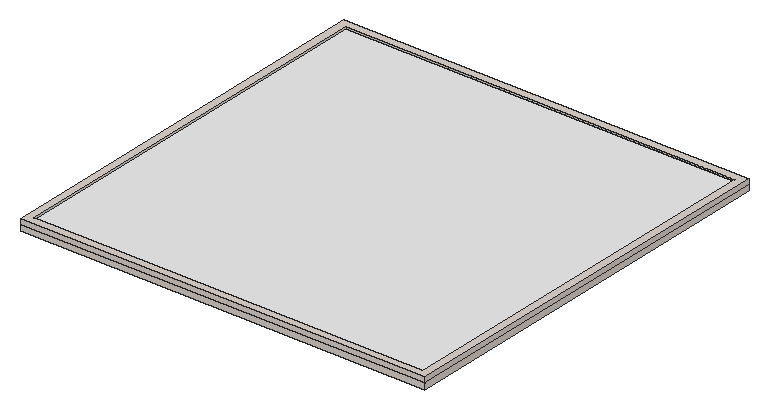
Revit family "SKY LED FLAT PANEL", category Lighting Fixtures, host Face, Revit 2020 (continued)
Types (13): name | Wattage | WATTS | built-in parameter 1150134 | Replaces/Equiv.(MH) | Photometric Web File | Order number | built-in parameter 1150142 | Model | built-in parameter 1150105 | Lumens | built-in parameter 1150107 | built-in parameter 1150106 | Fixture Width | Fixture Length | Default Elevation | Apparent Load
      1.55     \r\n 1.61     1.69     1.76     1.83     1.89     1.96     2.02     2.08     2.14     2.21     \r\n 2.27     2.33     2.39     2.45     2.50     2.56     2.60     2.65     2.70     2.73     \r\n 2.76     2.78     2.80     2.82     2.85     2.87     2.88     2.90     2.92     2.94     \r\n 2.96     2.97     2.99     3.00     3.02     3.03     3.05     3.07     3.08     3.10     \r\n 3.11     3.13     3.15     3.17     3.20     3.22     3.24     3.26     3.29     3.32     \r\n 3.34     3.37     3.41     3.44     3.47     3.50     3.53     3.56     3.58     3.60     \r\n 3.61     3.61     3.60     3.59     3.58     3.58     3.57     3.56     3.55     3.54     \r\n 3.54     3.53     3.53     3.53     3.53     3.52     3.52     3.52     3.52     3.52     \r\n 3.11     \r\n1275.29  1274.88  1274.14  1273.98  1270.67  1267.60  1266.20  1262.31  1258.79  1256.33  \r\n 1252.49  1247.57  1241.37  1237.95  1232.70  1226.26  1219.18  1211.98  1203.40  1197.85  \r\n 1187.24  1179.21  1172.05  1162.50  1152.89  1142.53  1132.12  1119.17  1109.14  1097.87  \r\n 1086.44  1073.33  1060.98  1048.97  1033.30  1021.23  1005.48  992.24   978.01   961.83   \r\n 947.04   932.60   916.85   899.94   883.40   866.72   848.72   830.91   813.27   796.19   \r\n 777.08   758.40   739.51   721.19   700.84   681.64   661.67   641.16   621.42   600.86   \r\n 580.04   559.39   538.97   517.34   497.10   474.80   454.42   432.42   410.91   389.31   \r\n 368.52   346.65   326.16   304.44   283.79   262.64   242.67   221.84   202.23   182.30   \r\n 163.30   144.30   126.15   108.44   91.22    74.49    58.75    43.27    27.85    13.64    \r\n 3.18     1.12     1.16     1.24     1.33     1.41     1.49     1.57     1.65     1.72     \r\n 1.80     1.88     1.95     2.02     2.10     2.17     2.23     2.30     2.36     2.43     \r\n 2.50     2.56     2.63     2.69     2.75     2.80     2.86     2.90     2.96     2.99     \r\n 3.02     3.05     3.06     3.08     3.09     3.10     3.11     3.12     3.12     3.12     \r\n 3.13     3.13     3.13     3.14     3.14     3.14     3.14     3.14     3.15     3.16     \r\n 3.16     3.16     3.17     3.17     3.18     3.18     3.19     3.22     3.26     3.31     \r\n 3.38     3.40     3.41     3.44     3.46     3.48     3.51     3.54     3.57     3.60     \r\n 3.63     3.67     3.69     3.68     3.67     3.66     3.66     3.65     3.64     3.64     \r\n 3.63     3.62     3.62     3.62     3.61     3.61     3.60     3.60     3.60     3.59     \r\n 3.11     \r\n1275.29  1274.63  1273.99  1272.38  1270.86  1268.00  1266.73  1264.63  1261.20  1254.78  \r\n 1251.32  1246.49  1241.66  1235.90  1230.87  1223.07  1217.34  1209.31  1202.96  1194.93  \r\n 1187.39  1178.27  1169.68  1159.38  1149.91  1139.21  1128.86  1119.05  1107.30  1096.77  \r\n 1083.47  1071.31  1058.30  1045.28  1032.90  1019.36  1004.83  990.61   976.69   961.95   \r\n 945.61   930.03   914.90   898.42   883.45   866.33   848.55   831.37   814.36   797.22   \r\n 777.30   759.81   740.54   722.84   703.62   683.19   663.40   644.27   624.72   604.11   \r\n 583.02   562.18   541.53   520.61   499.62   478.95   457.17   435.97   414.78   392.86   \r\n 371.95   349.88   329.12   308.08   286.96   265.74   245.68   225.30   205.32   185.39   \r\n 166.24   147.59   128.95   111.29   93.43    77.09    60.54    45.16    29.39    15.13    \r\n 3.92     1.13     1.17     1.24     1.32     1.40     1.48     1.57     1.64     1.72     \r\n 1.80     1.87     1.95     2.03     2.09     2.17     2.23     2.30     2.37     2.43     \r\n 2.50     2.56     2.63     2.68     2.74     2.80     2.85     2.90     2.95     2.98     \r\n 3.01     3.03     3.05     3.07     3.09     3.10     3.11     3.13     3.14     3.15     \r\n 3.16     3.17     3.18     3.19     3.19     3.20     3.21     3.21     3.22     3.22     \r\n 3.23     3.24     3.25     3.25     3.26     3.28     3.29     3.32     3.37     3.42     \r\n 3.50     3.53     3.56     3.59     3.61     3.65     3.68     3.71     3.73     3.75     \r\n 3.75     3.75     3.74     3.73     3.71     3.71     3.69     3.68     3.67     3.66     \r\n 3.65     3.64     3.63     3.63     3.61     3.60     3.59     3.59     3.58     3.57     \r\n 3.11     \r\n1275.29  1275.46  1274.27  1272.40  1270.27  1268.27  1262.84  1260.72  1257.20  1253.42  \r\n 1247.06  1243.50  1239.41  1231.58  1226.06  1220.95  1213.94  1206.32  1198.86  1190.33  \r\n 1182.18  1172.98  1164.85  1155.41  1146.91  1134.39  1125.27  1112.88  1103.31  1091.17  \r\n 1079.50  1067.97  1054.97  1042.32  1029.23  1015.09  1003.07  988.29   973.37   958.98   \r\n 944.86   929.28   912.95   896.07   880.39   864.56   846.46   828.98   813.07   794.38   \r\n 776.41   759.55   740.65   722.27   703.49   683.28   664.47   644.76   624.43   604.98   \r\n 583.94   563.73   542.47   521.24   500.36   478.79   458.12   436.59   414.86   392.96   \r\n 371.97   350.31   328.94   307.24   286.13   265.34   244.82   224.19   204.00   184.43   \r\n 165.04   145.51   127.05   109.15   91.66    74.74    58.90    43.28    27.95    13.63    \r\n 3.13     1.16     1.20     1.27     1.35     1.43     1.51     1.59     1.67     1.75     \r\n 1.83     1.91     1.98     2.05     2.12     2.19     2.25     2.32     2.39     2.45     \r\n 2.52     2.58     2.64     2.69     2.75     2.80     2.84     2.89     2.92     2.95     \r\n 2.98     3.01     3.03     3.05     3.07     3.09     3.11     3.12     3.14     3.15     \r\n 3.16     3.17     3.18     3.19     3.20     3.20     3.21     3.22     3.23     3.24     \r\n 3.25     3.26     3.27     3.28     3.29     3.31     3.32     3.36     3.41     3.47     \r\n 3.55     3.58     3.61     3.63     3.65     3.67     3.68     3.69     3.69     3.69     \r\n 3.69     3.68     3.66     3.65     3.64     3.63     3.63     3.61     3.61     3.60     \r\n 3.59     3.58     3.57     3.57     3.56     3.55     3.55     3.54     3.54     3.54     \r\n 3.11     \r\n1275.29  1273.27  1273.53  1271.42  1267.42  1266.30  1263.31  1258.33  1254.78  1250.91  \r\n 1245.97  1242.15  1237.05  1230.91  1226.44  1218.14  1211.40  1205.18  1197.02  1190.51  \r\n 1182.47  1173.65  1164.87  1154.82  1145.96  1136.34  1125.24  1115.21  1103.01  1093.48  \r\n 1080.94  1069.06  1058.30  1044.45  1031.25  1019.85  1005.42  991.84   977.90   963.83   \r\n 949.64   934.19   919.24   903.43   886.62   871.26   854.63   838.29   821.18   803.16   \r\n 785.34   768.04   748.33   730.18   711.16   691.04   672.34   651.83   630.83   611.40   \r\n 590.29   569.14   547.52   527.72   505.31   483.54   461.64   440.58   418.86   397.14   \r\n 375.63   353.27   332.19   310.10   289.00   267.90   247.46   226.29   206.60   186.26   \r\n 166.79   147.80   128.81   110.85   92.92    76.32    59.77    44.39    28.93    14.90    \r\n 3.76     1.16     1.23     1.31     1.38     1.45     1.52     1.60     1.68     1.76     \r\n 1.83     1.91     1.98     2.06     2.12     2.19     2.26     2.32     2.39     2.46     \r\n 2.52     2.58     2.64     2.69     2.75     2.80     2.84     2.88     2.92     2.95     \r\n 2.98     3.00     3.03     3.05     3.07     3.09     3.12     3.13     3.14     3.16     \r\n 3.17     3.18     3.18     3.19     3.20     3.20     3.22     3.22     3.23     3.24     \r\n 3.24     3.26     3.26     3.28     3.29     3.31     3.32     3.35     3.39     3.42     \r\n 3.44     3.45     3.46     3.47     3.48     3.48     3.48     3.48     3.47     3.47     \r\n 3.47     3.46     3.45     3.45     3.44     3.44     3.43     3.43     3.42     3.41     \r\n 3.41     3.40     3.40     3.39     3.38     3.37     3.37     3.35     3.34     3.33     \r\n 3.11     \r\n1275.29  1273.04  1271.49  1268.25  1267.60  1263.94  1260.50  1257.70  1253.25  1249.41  \r\n 1244.39  1237.90  1233.95  1229.28  1222.24  1215.00  1210.78  1202.48  1195.71  1186.56  \r\n 1177.58  1170.16  1161.68  1152.74  1142.21  1134.67  1124.35  1113.57  1103.07  1093.00  \r\n 1080.88  1069.88  1058.84  1045.30  1033.41  1021.30  1008.25  994.18   980.89   966.26   \r\n 952.60   937.06   922.28   907.13   890.44   873.59   857.27   839.73   822.88   804.83   \r\n 784.90   767.64   748.86   729.35   709.33   690.02   669.95   649.68   629.42   608.83   \r\n 587.66   566.99   544.84   523.77   502.61   481.15   458.82   437.17   415.84   393.88   \r\n 372.29   350.06   328.72   307.27   285.67   264.54   243.95   223.12   202.75   182.45   \r\n 163.02   143.63   125.10   107.00   89.39    72.98    56.58    41.18    26.42    12.81    \r\n 2.93     1.19     1.25     1.34     1.43     1.50     1.56     1.63     1.71     1.78     \r\n 1.86     1.94     2.01     2.08     2.15     2.22     2.28     2.35     2.42     2.48     \r\n 2.54     2.60     2.66     2.72     2.77     2.81     2.85     2.89     2.92     2.95     \r\n 2.98     3.01     3.04     3.06     3.08     3.10     3.11     3.13     3.14     3.16     \r\n 3.17     3.17     3.18     3.19     3.20     3.20     3.21     3.22     3.23     3.24     \r\n 3.26     3.27     3.28     3.30     3.31     3.33     3.35     3.36     3.38     3.39     \r\n 3.40     3.41     3.42     3.42     3.43     3.43     3.43     3.43     3.42     3.41     \r\n 3.40     3.39     3.39     3.38     3.36     3.36     3.35     3.34     3.33     3.32     \r\n 3.32     3.30     3.29     3.28     3.27     3.26     3.25     3.24     3.22     3.21     \r\n 3.11     \r\n1275.29  1275.81  1272.61  1271.18  1268.20  1266.22  1261.68  1257.57  1254.22  1250.43  \r\n 1245.86  1240.31  1236.46  1231.43  1224.47  1218.20  1211.96  1204.39  1198.31  1188.89  \r\n 1182.32  1173.78  1165.54  1157.52  1148.22  1139.37  1129.24  1119.35  1108.79  1098.29  \r\n 1088.00  1078.21  1065.91  1054.51  1041.61  1029.81  1016.72  1003.42  988.28   974.50   \r\n 959.68   943.67   929.02   912.04   895.82   879.08   862.14   843.59   826.73   808.33   \r\n 789.56   772.30   752.21   733.44   712.68   694.39   674.29   653.12   633.05   612.60   \r\n 592.00   569.97   549.60   527.88   506.33   484.90   463.00   440.80   419.30   397.36   \r\n 375.59   353.21   331.89   310.26   288.62   267.33   246.46   225.35   205.14   184.83   \r\n 164.95   145.87   126.79   108.86   90.60    74.00    57.35    42.25    27.02    13.92    \r\n 3.43     1.18     1.26     1.34     1.43     1.51     1.58     1.65     1.71     1.79     \r\n 1.86     1.94     2.02     2.09     2.16     2.24     2.30     2.37     2.43     2.50     \r\n 2.56     2.62     2.67     2.72     2.76     2.80     2.84     2.87     2.91     2.94     \r\n 2.96     2.99     3.02     3.03     3.06     3.08     3.09     3.10     3.12     3.13     \r\n 3.14     3.15     3.16     3.16     3.18     3.18     3.19     3.21     3.22     3.24     \r\n 3.25     3.28     3.29     3.30     3.31     3.33     3.33     3.34     3.34     3.34     \r\n 3.33     3.33     3.32     3.32     3.32     3.31     3.30     3.29     3.28     3.27     \r\n 3.26     3.25     3.25     3.24     3.23     3.23     3.23     3.22     3.21     3.21     \r\n 3.20     3.19     3.19     3.18     3.17     3.17     3.16     3.15     3.14     3.14     \r\n 3.11     \r\n1275.29  1274.71  1270.10  1269.86  1264.57  1262.71  1260.88  1254.75  1252.69  1248.47  \r\n 1243.92  1239.43  1233.29  1227.77  1221.87  1216.99  1209.09  1203.90  1195.43  1188.64  \r\n 1181.18  1172.76  1165.01  1156.77  1148.91  1139.64  1130.43  1122.59  1110.55  1100.13  \r\n 1090.44  1080.47  1068.60  1055.64  1042.35  1030.17  1017.88  1001.84  988.42   973.63   \r\n 957.07   942.58   927.45   909.94   894.12   875.90   859.96   841.40   824.26   806.08   \r\n 787.15   768.78   749.97   730.53   711.89   691.82   671.65   651.69   631.63   610.80   \r\n 588.80   568.03   546.55   525.85   504.32   482.20   460.92   438.56   417.41   394.39   \r\n 372.87   350.48   329.25   307.11   285.82   264.21   243.38   222.01   201.89   181.51   \r\n 161.92   142.31   123.65   105.23   87.62    71.22    54.83    39.64    25.20    12.08    \r\n 2.61     1.20     1.28     1.36     1.45     1.53     1.61     1.68     1.75     1.82     \r\n 1.90     1.97     2.05     2.13     2.20     2.27     2.33     2.40     2.46     2.52     \r\n 2.57     2.62     2.67     2.71     2.75     2.80     2.83     2.86     2.89     2.92     \r\n 2.94     2.97     2.99     3.02     3.03     3.05     3.07     3.09     3.10     3.11     \r\n 3.12     3.13     3.14     3.15     3.15     3.17     3.17     3.18     3.19     3.20     \r\n 3.21     3.22     3.22     3.23     3.23     3.22     3.22     3.22     3.21     3.20     \r\n 3.20     3.19     3.18     3.18     3.16     3.15     3.14     3.13     3.12     3.11     \r\n 3.10     3.09     3.09     3.08     3.08     3.08     3.08     3.07     3.07     3.07     \r\n 3.07     3.07     3.07     3.07     3.08     3.08     3.08     3.08     3.08     3.08     \r\n 3.11     \r\n1275.29  1273.55  1270.32  1269.25  1266.45  1264.16  1262.29  1257.91  1252.06  1250.01  \r\n 1244.68  1240.76  1234.14  1230.18  1222.82  1217.78  1212.68  1205.13  1199.79  1190.84  \r\n 1184.17  1176.63  1169.15  1161.07  1152.90  1142.85  1134.80  1124.27  1115.88  1105.41  \r\n 1093.27  1081.54  1070.27  1059.75  1046.56  1033.67  1018.56  1006.37  991.28   977.46   \r\n 961.94   945.54   930.04   913.78   897.20   879.77   862.09   845.87   826.32   809.53   \r\n 790.38   772.35   751.96   733.80   713.73   694.10   674.20   654.29   633.71   613.08   \r\n 591.94   570.15   549.22   527.51   506.00   483.99   461.85   439.79   418.68   395.77   \r\n 374.36   351.81   330.32   308.45   286.58   265.13   244.36   223.07   202.73   182.30   \r\n 162.90   143.73   124.57   106.39   88.39    72.03    55.51    40.71    26.15    13.00    \r\n 3.14     1.18     1.27     1.36     1.45     1.52     1.61     1.68     1.75     1.83     \r\n 1.90     1.97     2.05     2.12     2.19     2.27     2.33     2.39     2.44     2.49     \r\n 2.55     2.60     2.64     2.69     2.72     2.76     2.79     2.82     2.85     2.88     \r\n 2.91     2.93     2.95     2.97     2.99     3.00     3.02     3.02     3.04     3.05     \r\n 3.05     3.06     3.07     3.07     3.08     3.09     3.09     3.09     3.10     3.10     \r\n 3.11     3.11     3.11     3.11     3.10     3.10     3.09     3.08     3.07     3.06     \r\n 3.04     3.03     3.01     3.00     2.99     2.97     2.97     2.96     2.95     2.95     \r\n 2.95     2.95     2.95     2.95     2.94     2.95     2.95     2.96     2.97     2.97     \r\n 2.98     2.99     3.00     3.00     3.02     3.02     3.03     3.04     3.05     3.06     \r\n 3.11     \r\n1275.29  1273.19  1272.42  1268.74  1268.22  1264.31  1260.02  1256.07  1254.93  1249.76  \r\n 1243.88  1240.24  1236.21  1228.60  1223.95  1218.29  1211.59  1206.15  1198.97  1192.47  \r\n 1186.09  1177.78  1169.96  1161.92  1154.31  1145.67  1135.70  1125.57  1115.28  1105.59  \r\n 1093.04  1081.85  1070.73  1057.85  1045.43  1031.03  1019.17  1003.58  990.58   973.32   \r\n 958.95   942.62   927.74   910.07   894.53   876.36   859.50   841.76   822.72   804.19   \r\n 786.36   766.63   747.68   727.73   709.12   688.16   668.10   647.86   626.57   605.85   \r\n 584.59   563.60   542.26   520.17   499.06   476.79   455.45   433.21   411.48   388.94   \r\n 367.54   346.05   324.32   301.78   280.98   259.57   238.70   217.61   197.48   177.08   \r\n 157.76   138.23   119.91   101.83   84.28    68.25    52.22    37.58    23.70    10.71    \r\n 2.05     1.21     1.28     1.36     1.45     1.53     1.61     1.69     1.76     1.84     \r\n 1.92     1.99     2.06     2.14     2.21     2.27     2.33     2.39     2.44     2.50     \r\n 2.54     2.59     2.63     2.67     2.71     2.74     2.78     2.81     2.84     2.86     \r\n 2.88     2.90     2.92     2.94     2.96     2.96     2.98     2.99     2.99     3.00     \r\n 3.01     3.01     3.01     3.01     3.01     3.01     3.00     3.00     3.00     3.00     \r\n 3.01     3.01     3.01     3.01     3.00     2.99     2.98     2.95     2.94     2.92     \r\n 2.91     2.89     2.88     2.87     2.86     2.86     2.86     2.86     2.86     2.86     \r\n 2.86     2.87     2.88     2.89     2.90     2.91     2.92     2.94     2.96     2.97     \r\n 2.99     3.00     3.01     3.03     3.04     3.05     3.06     3.07     3.08     3.09     \r\n 3.11     \r\n1275.29  1274.81  1271.40  1270.05  1267.93  1266.20  1263.01  125
    9.38  1255.48  1251.28  \r\n 1246.80  1243.53  1237.68  1231.80  1227.82  1222.22  1216.29  1208.61  1202.37  1196.96  \r\n 1187.08  1181.45  1172.45  1165.85  1156.22  1146.65  1137.16  1128.23  1117.66  1106.88  \r\n 1094.91  1084.86  1072.04  1059.98  1047.66  1032.73  1019.67  1004.81  989.63   975.30   \r\n 960.16   943.30   927.21   909.47   892.59   875.53   858.24   840.54   821.18   802.87   \r\n 784.45   764.15   744.43   725.57   705.74   686.61   665.57   645.71   624.70   603.39   \r\n 582.67   561.69   539.87   518.61   497.36   475.26   453.18   431.41   410.35   387.90   \r\n 366.24   344.13   322.53   301.34   279.84   258.58   237.54   216.73   196.48   176.65   \r\n 157.11   138.30   119.50   101.73   84.01    67.93    51.96    37.62    23.76    11.05    \r\n 1.87     1.18     1.27     1.35     1.43     1.52     1.60     1.68     1.76     1.83     \r\n 1.91     1.98     2.06     2.13     2.20     2.27     2.33     2.39     2.45     2.49     \r\n 2.54     2.59     2.63     2.67     2.70     2.74     2.77     2.80     2.83     2.85     \r\n 2.87     2.89     2.91     2.92     2.94     2.94     2.95     2.96     2.96     2.96     \r\n 2.96     2.96     2.96     2.96     2.95     2.94     2.94     2.94     2.94     2.94     \r\n 2.93     2.93     2.93     2.93     2.91     2.90     2.88     2.87     2.86     2.85     \r\n 2.84     2.83     2.83     2.83     2.83     2.83     2.83     2.82     2.83     2.84     \r\n 2.85     2.86     2.88     2.89     2.91     2.92     2.94     2.96     2.97     2.99     \r\n 3.01     3.02     3.03     3.04     3.05     3.06     3.08     3.09     3.11     3.11     \r\n 3.11     \r\n" | "SFLP24D3835" | 294.44 (stored number, unit not read) | 3700 lm | 3500 (stored number, unit not read) | 2.9444 (stored number, unit not read) | 23.74" | 47.80" | 0.00" | 47.5 VA
